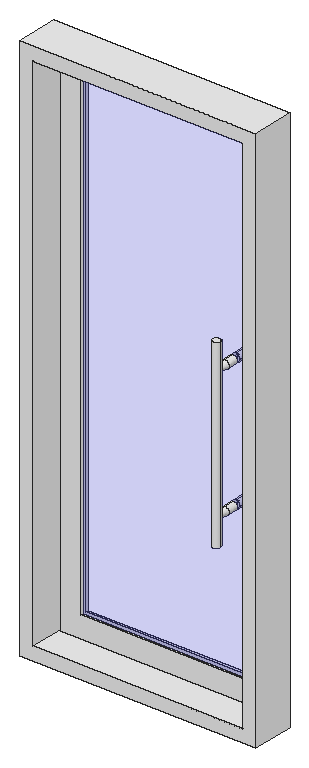
Revit family
Parameters (values of type "AD1")
  프레임 투영 외부. = 25 mm
  프레임 투영 내부. = 25 mm
  프레임 폭 = 75 mm
  Height = 2100 mm
  Wall Closure = (empty or 0)
  Width = 900 mm
  문 핸들 = 금속 - 크롬(2)
  문 패널 = AD1 문 패널
  문 프레임 = AD1 문 프레임
Types (3, lengths in mm): name | Width | 문 핸들 | 문 패널 | 문 프레임
  (no name) | 900 | 금속 - 크롬(2) | AD1 문 패널 | AD1 문 프레임
  AD1 | 900 | 금속 - 크롬(2) | AD1 문 패널 | AD1 문 프레임
  AD2 | 800 | none | AD2 문 패널 | AD2 문 프레임
Reference planes
  plane 1: y = 0
  plane 2 "중심(왼쪽/오른쪽)": x = 0
  plane 3 "왼쪽": x = -450
  plane 4 "오른쪽": x = 450
  plane 5: z = 2100
  plane 6 "외부": y = 75
  plane 7 "내부": y = -75
  plane 8: y = 80
  plane 9: y = -80
  plane 10: x = -400
  plane 11: x = 400
  plane 12: x = -320
  plane 13: x = 320
  plane 14: x = -270
  plane 15: x = -240
  plane 16: y = 45
  plane 17: y = 70
  plane 18: y = 55
  plane 19: z = 600
  plane 20: z = 1750
  plane 21: z = 1050
  plane 22: x = 255
Forms (mm)
  Sweep 1, solid, material "AD1 문 프레임" <- "문 프레임"
    path origin (2625, 80, 1200) x (1, 0, 0) y (0, 0, 1)
      loop
        line (-2175, 900) -> (-3075, 900) -> (-3075, -1200) -> (-2175, -1200) -> (-2175, 900)
    profile origin (450, 80, 0) x (-1, 0, 0) y (0, -1, 0)
      loop
        line (0, 0) -> (30, 0) -> (30, 35) -> (50, 35) -> (50, 160) -> (0, 160) -> (0, 0)
  Extrusion 2, solid, material "AD1 문 패널" <- "문 패널"
    sketch origin (0, 0, 0) x (1, 0, 0) y (0, 1, 0)
      loop
        line (-420, 70) -> (-420, 55) -> (420, 55) -> (420, 70) -> (-420, 70)
    from 30 to 2070
  Sweep 3, solid, material "AD1 문 프레임" <- "문 프레임"
    path origin (2625, 80, 1200) x (1, 0, 0) y (0, 0, 1)
      loop
        line (-2205, 870) -> (-3045, 870) -> (-3045, -1170) -> (-2205, -1170) -> (-2205, 870)
    profile origin (420, 80, 30) x (-1, 0, 0) y (0, -1, 0)
      loop
        line (100, 0) -> (100, 10) -> (0, 10) -> (0, 0) -> (100, 0)
      loop
        line (100, 25) -> (100, 35) -> (0, 35) -> (0, 25) -> (100, 25)
Lines and regions (mm)
  Opening 1
    outline origin (-3050, -75, 0) x (1, 0, 0) y (0, 0, 1)
      loop
        line (2600, 0) -> (3500, 0) -> (3500, 2100) -> (2600, 2100) -> (2600, 0)
  symbolic lines, style "평면 스윙"
    curve 1: line (-420, 80, 0) -> (-420, 920, 0)
    curve 2: line (-420, 920, 0) -> (-385, 920, 0)
    curve 3: line (-385, 920, 0) -> (-385, 80, 0)
    curve 4: line (-385, 80, 0) -> (-420, 80, 0)
    curve 5: arc (-385, 920, 0) -> (186.47, 661.93, 0) -> (420, 80, 0) r 840
  symbolic lines, style "입면도 스윙"
    curve 6: line (420, 80, 2070) -> (-420, 80, 1050)
    curve 7: line (-420, 80, 1050) -> (420, 80, 30)
Text (mm)
  text "외부" at (-2295.016, 1099.543, 0), in view "참조 레벨"
  text "외부" at (0, 1615.38, 3698.081), in view "왼쪽"
  text "외부" at (0, 1036.032, 3874.932), in view "오른쪽"
Dimensions and locks
  equal spacing: plane 3 "왼쪽", plane 2 "중심(왼쪽/오른쪽)", plane 4 "오른쪽"
  "Width": plane 3 "왼쪽" to plane 4 "오른쪽"
  "Height": plane 5 to host wall
  host wall to plane 5 = 2100 mm  (x2)
  locked: plane 6 "외부" to host wall at 0
  locked: plane 7 "내부" to host wall
  locked: plane 6 "외부" to plane 8 at 5
  locked: plane 9 to plane 7 "내부" at 5
  locked: plane 3 "왼쪽" to plane 10 at 50
  locked: plane 11 to plane 4 "오른쪽" at 50
  locked: plane 10 to plane 12 at 80
  locked: plane 13 to plane 11 at 80
  plane 12 to plane 14 to plane 15 = 50 mm locked, 30 mm locked
  locked: plane 16 to plane 6 "외부" at 30
  locked: plane 16 to plane 18 at 10
  locked: plane 17 to plane 8 at 10
  locked: Sweep 1 sketch curve to Sweep 1 sketch curve at 30
  locked: level to plane 21 at 1050
  locked: plane 22 to plane 13 at 65
  locked: level to plane 19 at 600
  aligned and locked: plane 3 "왼쪽" to Opening 1 sketch curve
  aligned and locked: plane 5 to Opening 1 sketch curve  (x2)
  aligned and locked: Opening 1 sketch curve to plane 4 "오른쪽"
  aligned and locked: Opening 1 sketch curve to level
  aligned and locked: plane 1 to host wall
  aligned and locked: host wall to Sweep 1 sketch curve
  aligned and locked: Sweep 1 sketch curve to host wall  (x2)
  aligned and locked: plane 11 to Sweep 1 sketch curve
  aligned and locked: Sweep 1 sketch curve to plane 16
  aligned and locked: Sweep 1 sketch curve to plane 8
  aligned and locked: Sweep 1 sketch curve to plane 4 "오른쪽"
  aligned and locked: plane 9 to Sweep 1 sketch curve
  aligned and locked: Sweep 1 to Extrusion 2 sketch curve  (x2)
  aligned and locked: plane 17 to Extrusion 2 sketch curve
  aligned and locked: plane 18 to Extrusion 2 sketch curve
  aligned and locked: Extrusion 2 to Sweep 1  (x2)
  aligned and locked: Sweep 1 to Sweep 3 sketch curve  (x3)
  aligned and locked: Sweep 3 sketch curve to Sweep 1  (x3)
  aligned and locked: plane 13 to Sweep 3 sketch curve  (x2)
  aligned and locked: profile plane to Sweep 3 sketch curve
  aligned and locked: Sweep 3 sketch curve to Extrusion 2  (x2)
  aligned and locked: plane 18 to Sweep 3 sketch curve
  aligned and locked: Sweep 1 to curve 5
  aligned and locked: curve 7 to Sweep 1
  aligned and locked: plane 17 to nested 2
  aligned and locked: Sweep 3 to plane 18
  aligned and locked: plane 18 to Extrusion 2
  aligned and locked: plane 18 to nested 1
  aligned and locked: plane 22 to nested 2
  aligned and locked: nested 1 to plane 22
  aligned and locked: nested 1 to plane 19
  aligned and locked: plane 19 to nested 2
Automatic sketch dimensions
  Sweep 1 sketch curve to level = 0 mm
  Sweep 3 sketch curve to Sweep 3 sketch curve = 0 mm
  curve 4 to plane 8 = 0 mm
  plane 10 to curve 1 = 20 mm
  curve 1 to curve 5 = 0 mm
  curve 4 to plane 10 = 15 mm
  curve 5 to plane 11 = 20 mm
  curve 5 to plane 8 = 0.729 mm
  curve 7 to plane 21 = 0 mm
  plane 10 to curve 7 = 20 mm
  curve 6 to plane 11 = 20 mm
  level to curve 7 = 30 mm
  plane 5 to curve 6 = 30 mm
Nested families
  nested 1: "KO_문 손잡이 유형3" at (255, 55, 100), type "핸들 유형3 03 길이700"
  nested 2: "KO_문 손잡이 유형3" at (255, 70, 100), type "핸들 유형3 03 길이700"
Definition of nested family "KO_문 손잡이 유형3"
  Parameters (values of type "핸들 유형3 01 길이600")
    링크 점 = 100 mm
    링크 재료 = 금속 - 크롬(2)
    핸들 재료 = 금속 - 크롬(2)
    핸들 깊이 = 80 mm
    링크 두께 = 10 mm
    핸들 반지름 = 17.5 mm
    기둥 점 = 500 mm
    핸들 길이 = 600 mm
    Assembly Code = ""
  Types (3, lengths in mm): name | 핸들 반지름 | 핸들 길이
    핸들 유형3 01 길이600 | 17.5 | 600
    핸들 유형3 02 길이650 | 15 | 650
    핸들 유형3 03 길이700 | 15 | 700
  Reference planes
    plane 1 "중심(앞/뒤)": y = 0
    plane 2: z = 0
    plane 3 "중심(왼쪽/오른쪽)": x = 0
    plane 4 "하드웨어": z = 500
    plane 5: z = 1100
  Forms (mm)
    Sweep 1, solid, material "금속 - 크롬(2)" <- "핸들 재료"
      path origin (0, 0, 0) x (0, 1, 0) y (0, 0, 1)
        loop
          line (-80, 1100) -> (-80, 500)
      profile origin (0, 0, 800) x (1, 0, 0) y (0, 1, 0)
        loop
          circle (0, -80) r 17.5
    Revolve 2, solid, material "금속 - 크롬(2)" <- "링크 재료"
      sketch origin (0, 0, 0) x (0, 1, 0) y (0, 0, 1)
        loop
          line (-80, 1000) -> (0, 1000) -> (0, 1015) -> (-40, 1015) -> (-80, 1007.081) -> (-80, 1000)
        axis (-80, 1000) -> (0, 1000)
      angle from 0 to 360
    Revolve 3, solid, material "금속 - 크롬(2)" <- "링크 재료"
      sketch origin (0, 0, 0) x (0, 1, 0) y (0, 0, 1)
        loop
          line (0, 600) -> (0, 615) -> (-40, 615) -> (-80, 607.081) -> (-80, 600) -> (0, 600)
        axis (-80, 600) -> (0, 600)
      angle from 0 to 360
  Dimensions and locks
    "기둥 점": plane 4 "하드웨어" to plane 2
    "핸들 길이": plane 5 to plane 4 "하드웨어"
    "핸들 깊이": Sweep 1 sketch curve to plane 1 "중심(앞/뒤)"
    locked: Revolve 2 sketch curve to Revolve 2 sketch curve at 15
    locked: Revolve 2 sketch curve to Revolve 2 sketch curve at 7.081
    "링크 점": Revolve 2 sketch curve to Sweep 1
    locked: Revolve 3 sketch curve to Revolve 3 sketch curve at 7.081
    locked: Revolve 3 sketch curve to Revolve 3 sketch curve at 15
    "링크 점": plane 4 "하드웨어" to Revolve 3 sketch curve
    equal spacing: Revolve 2 sketch curve, Revolve 2 sketch curve, Revolve 2 sketch curve
    equal spacing: Revolve 3 sketch curve, Revolve 3 sketch curve, Revolve 3 sketch curve
    "핸들 반지름": radius of Sweep 1 sketch curve
    aligned and locked: plane 4 "하드웨어" to Sweep 1 sketch curve
    aligned and locked: plane 5 to Sweep 1 sketch curve
    aligned and locked: Sweep 1 to Revolve 2 sketch curve  (x2)
    aligned and locked: Sweep 1 to Revolve 3 sketch curve
    aligned and locked: Revolve 3 sketch curve to plane 1 "중심(앞/뒤)"
  Automatic sketch dimensions
    Sweep 1 sketch curve to plane 3 "중심(왼쪽/오른쪽)" = 0 mm
    Sweep 1 sketch curve to profile plane = 0 mm
    Revolve 2 sketch curve to Revolve 2 sketch curve = 0 mm  (x2)
    Revolve 2 sketch curve to plane 1 "중심(앞/뒤)" = 70 mm
    Revolve 3 sketch curve to Revolve 3 sketch curve = 0 mm  (x2)
    Revolve 3 sketch curve to Revolve 3 sketch curve = 39.243 mm
    Revolve 2 sketch curve to plane 1 "중심(앞/뒤)" = 0 mm
